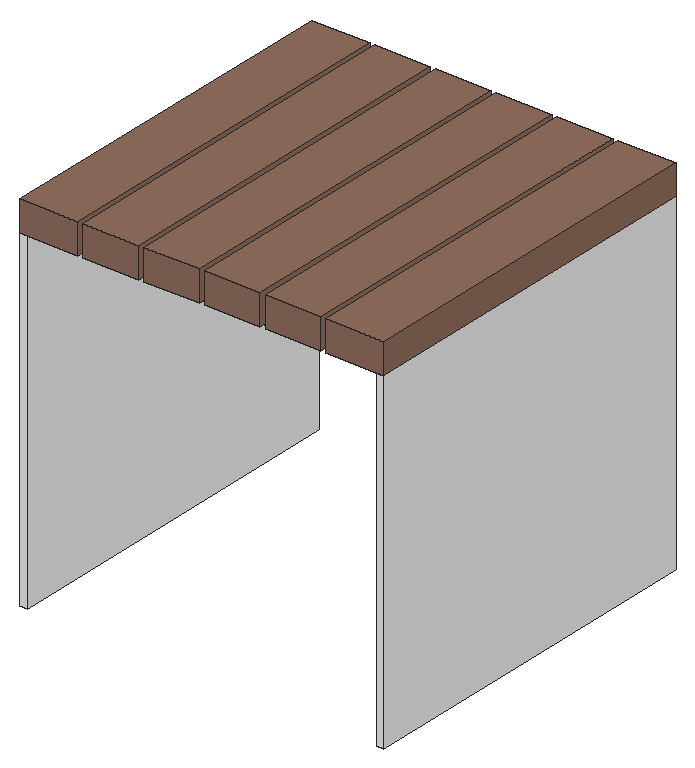
Revit family "HighTower_Ayre_SideTable", category Furniture, Revit 2015
Parameters
  Width = 1' - 6"  # constant formula
  URL = "www.hightoweraccess.com"
  Seat [instance] = Furniture - HIGH TOWER - Ayre - Slat
  Product URL = "http://www.hightoweraccess.com/pricelist/new/pdf/ayre.pdf"
  Model = "HT12950"
  Manufacturer = "HighTower"
  Height = 1' - 6"  # constant formula
  Description = "Ayre Side Table"
  Depth = 1' - 6"  # constant formula
  Base [instance] = Furniture - HIGH TOWER - Ayre - Base
  Assembly Description = "Furniture & Accessories"
  Assembly Code = "E2020200"
Reference planes (in)
  plane 1: z = 0
  plane 2: through (-6.25338, 2.33237, 23.38953) normal (0.4297, -0.4297, 0.7941)
  plane 3: z = 18
  plane 4: z = 16.5
  plane 5: x = -21
  plane 6: y = -1.6274
Forms (in)
  Extrusion 1, solid, material "Furniture - HIGH TOWER - Ayre - Base" <- "Base"
    sketch origin (0, -7.6274, 0) x (-1, 0, 0) y (0, 0, -1)
      loop
        line (30, -16.5) -> (30, 0) -> (29.625, 0) -> (29.625, -16.5) -> (30, -16.5)
    from -15 to 3
  Extrusion 2, solid, material "Furniture - HIGH TOWER - Ayre - Slat" <- "Seat"
    sketch origin (0, 0, 17.75) x (-1, 0, 0) y (0, -1, 0)
      loop
        line (30, -7.3726) -> (30, 10.6274) -> (27.125, 10.6274) -> (27.125, -7.3726) -> (30, -7.3726)
      loop
        line (24.125, -7.3726) -> (26.875, -7.3726) -> (26.875, 10.6274) -> (24.125, 10.6274) -> (24.125, -7.3726)
      loop
        line (23.875, -7.3726) -> (23.875, 10.6274) -> (21.125, 10.6274) -> (21.125, -7.3726) -> (23.875, -7.3726)
      loop
        line (17.875, -7.3726) -> (17.875, 10.6274) -> (15.125, 10.6274) -> (15.125, -7.3726) -> (17.875, -7.3726)
      loop
        line (18.125, -7.3726) -> (20.875, -7.3726) -> (20.875, 10.6274) -> (18.125, 10.6274) -> (18.125, -7.3726)
      loop
        line (12, -7.3726) -> (14.875, -7.3726) -> (14.875, 10.6274) -> (12, 10.6274) -> (12, -7.3726)
    from -1.25 to 0.25
  Extrusion 3, solid, material "Furniture - HIGH TOWER - Ayre - Base" <- "Base"
    sketch origin (0, 0, 0) x (0, 1, 0) y (0, 0, 1)
      loop
        line (4.3726, 16.5) -> (-7.6274, 16.5) -> (-7.6274, 14.5) -> (-7.3774, 14.5) -> (-7.3774, 16.25) -> (4.1226, 16.25) -> (4.1226, 14.5) -> (4.3726, 14.5) -> (4.3726, 16.5)
    from -29.625 to -12.375
  Extrusion 4, solid, material "Furniture - HIGH TOWER - Ayre - Base" <- "Base"
    sketch origin (-42, -7.6274, 0) x (-1, 0, 0) y (0, 0, -1)
      loop
        line (-30, 0) -> (-30, -16.5) -> (-29.625, -16.5) -> (-29.625, 0) -> (-30, 0)
    from -15 to 3
Dimensions and locks (in)
  "Height": plane 3 to level
  aligned and locked: Extrusion 3 to Extrusion 1
  aligned and locked: Extrusion 3 to Extrusion 4
Automatic sketch dimensions
  Extrusion 1 sketch curve to plane 4 = 0' - 0"
  Extrusion 1 sketch curve to level = 0' - 0"
  Extrusion 2 sketch curve to plane 5 = 0' - 0 1/8"
  plane 5 to Extrusion 2 sketch curve = 0' - 0 1/8"
  Extrusion 3 sketch curve to plane 4 = 0' - 0"
  Extrusion 3 sketch curve to plane 4 = 0' - 0 1/4"
  Extrusion 3 sketch curve to Extrusion 3 sketch curve = 0' - 1 3/4"  (x2)
  Extrusion 4 sketch curve to plane 4 = 0' - 0"
  Extrusion 4 sketch curve to level = 0' - 0"
  Extrusion 2 sketch curve to Extrusion 2 sketch curve = 0' - 0"  (x10)
  Extrusion 2 sketch curve to Extrusion 2 sketch curve = 1' - 6"
  Extrusion 3 sketch curve to Extrusion 3 sketch curve = 0' - 0 1/4"  (x2)
  Extrusion 3 sketch curve to Extrusion 3 sketch curve = 0' - 11 1/2"
  Extrusion 1 sketch curve to Extrusion 1 sketch curve = 0' - 0 3/8"
  plane 6 to Extrusion 2 sketch curve = 0' - 9"
  plane 5 to Extrusion 1 sketch curve = 0' - 8 5/8"
  Extrusion 2 sketch curve to Extrusion 2 sketch curve = 0' - 2 3/4"  (x4)
  Extrusion 2 sketch curve to Extrusion 2 sketch curve = 0' - 0 1/4"  (x4)
  Extrusion 2 sketch curve to Extrusion 2 sketch curve = 0' - 2 7/8"  (x2)
  Extrusion 4 sketch curve to plane 5 = 0' - 9"
  Extrusion 4 sketch curve to Extrusion 4 sketch curve = 0' - 0 3/8"
